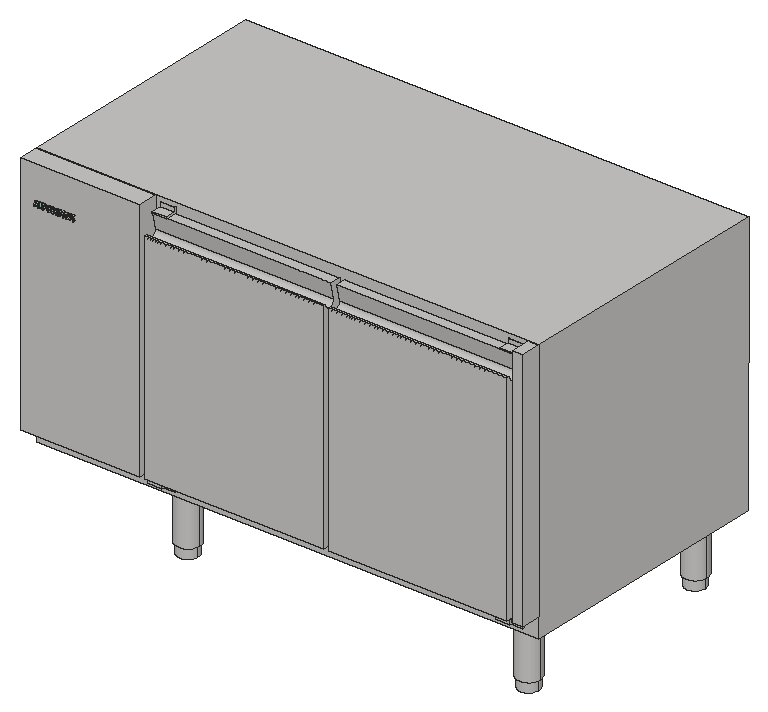
Revit family "QF_ALPENINOX_721094_AA2R7AA", category Attrezzature speciali, Revit 2018 (continued)
Definition of nested family "HP_APX_BI_TN_L"
  Lines and regions (mm)
    Split face 120
      outline origin (330, -951.3, 50) x (1, 0, 0) y (0, 1, 0)
        loop
          arc (-286.464, 649.474) -> (-282.464, 653.474) -> (-286.464, 657.474) r 4
          line (-286.464, 657.474) -> (-328.464, 657.474)
    Split face 121
      outline origin (110, -951.3, 50) x (1, 0, 0) y (0, 1, 0)
        loop
          arc (-218.464, 657.474) -> (-222.464, 653.474) -> (-218.464, 649.474) r 4
          line (-218.464, 649.474) -> (-176.464, 649.474)
          arc (-176.464, 649.474) -> (-172.464, 653.474) -> (-176.464, 657.474) r 4
          line (-176.464, 657.474) -> (-218.464, 657.474)
    Split face 122
      outline origin (220, -951.3, 50) x (1, 0, 0) y (0, 1, 0)
        loop
          arc (-273.464, 657.474) -> (-277.464, 653.474) -> (-273.464, 649.474) r 4
          line (-273.464, 649.474) -> (-231.464, 649.474)
          arc (-231.464, 649.474) -> (-227.464, 653.474) -> (-231.464, 657.474) r 4
          line (-231.464, 657.474) -> (-273.464, 657.474)
    Split face 123
      outline origin (0, -975.3, 50) x (1, 0, 0) y (0, 1, 0)
        loop
          arc (-163.464, 669.474) -> (-167.464, 665.474) -> (-163.464, 661.474) r 4
          line (-163.464, 661.474) -> (-121.464, 661.474)
          arc (-121.464, 661.474) -> (-117.464, 665.474) -> (-121.464, 669.474) r 4
          line (-121.464, 669.474) -> (-163.464, 669.474)
    Split face 124
      outline origin (330, -975.3, 50) x (1, 0, 0) y (0, 1, 0)
        loop
          arc (-328.464, 669.474) -> (-332.464, 665.474) -> (-328.464, 661.474) r 4
          line (-328.464, 661.474) -> (-286.464, 661.474)
          arc (-286.464, 661.474) -> (-282.464, 665.474) -> (-286.464, 669.474) r 4
          line (-286.464, 669.474) -> (-328.464, 669.474)
    Split face 125
      outline origin (110, -975.3, 50) x (1, 0, 0) y (0, 1, 0)
        loop
          arc (-218.464, 669.474) -> (-222.464, 665.474) -> (-218.464, 661.474) r 4
          line (-218.464, 661.474) -> (-176.464, 661.474)
          arc (-176.464, 661.474) -> (-172.464, 665.474) -> (-176.464, 669.474) r 4
          line (-176.464, 669.474) -> (-218.464, 669.474)
    Split face 126
      outline origin (220, -975.3, 50) x (1, 0, 0) y (0, 1, 0)
        loop
          arc (-273.464, 669.474) -> (-277.464, 665.474) -> (-273.464, 661.474) r 4
          line (-273.464, 661.474) -> (-231.464, 661.474)
          arc (-231.464, 661.474) -> (-227.464, 665.474) -> (-231.464, 669.474) r 4
          line (-231.464, 669.474) -> (-273.464, 669.474)
    Split face 127
      outline origin (0, -999.3, 50) x (1, 0, 0) y (0, 1, 0)
        loop
          arc (-163.464, 681.474) -> (-167.464, 677.474) -> (-163.464, 673.474) r 4
          line (-163.464, 673.474) -> (-121.464, 673.474)
          arc (-121.464, 673.474) -> (-117.464, 677.474) -> (-121.464, 681.474) r 4
          line (-121.464, 681.474) -> (-163.464, 681.474)
    Split face 128
      outline origin (330, -999.3, 50) x (1, 0, 0) y (0, 1, 0)
        loop
          arc (-328.464, 681.474) -> (-332.464, 677.474) -> (-328.464, 673.474) r 4
          line (-328.464, 673.474) -> (-286.464, 673.474)
          arc (-286.464, 673.474) -> (-282.464, 677.474) -> (-286.464, 681.474) r 4
          line (-286.464, 681.474) -> (-328.464, 681.474)
    Split face 129
      outline origin (110, -999.3, 50) x (1, 0, 0) y (0, 1, 0)
        loop
          arc (-218.464, 681.474) -> (-222.464, 677.474) -> (-218.464, 673.474) r 4
          line (-218.464, 673.474) -> (-176.464, 673.474)
          arc (-176.464, 673.474) -> (-172.464, 677.474) -> (-176.464, 681.474) r 4
          line (-176.464, 681.474) -> (-218.464, 681.474)
    Split face 130
      outline origin (220, -999.3, 50) x (1, 0, 0) y (0, 1, 0)
        loop
          arc (-273.464, 681.474) -> (-277.464, 677.474) -> (-273.464, 673.474) r 4
          line (-273.464, 673.474) -> (-231.464, 673.474)
          arc (-231.464, 673.474) -> (-227.464, 677.474) -> (-231.464, 681.474) r 4
          line (-231.464, 681.474) -> (-273.464, 681.474)
    Split face 131
      outline origin (0, -1023.3, 50) x (1, 0, 0) y (0, 1, 0)
        loop
          arc (-163.464, 693.474) -> (-167.464, 689.474) -> (-163.464, 685.474) r 4
          line (-163.464, 685.474) -> (-121.464, 685.474)
          arc (-121.464, 685.474) -> (-117.464, 689.474) -> (-121.464, 693.474) r 4
          line (-121.464, 693.474) -> (-163.464, 693.474)
    Split face 132
      outline origin (330, -1023.3, 50) x (1, 0, 0) y (0, 1, 0)
        loop
          arc (-328.464, 693.474) -> (-332.464, 689.474) -> (-328.464, 685.474) r 4
          line (-328.464, 685.474) -> (-286.464, 685.474)
          arc (-286.464, 685.474) -> (-282.464, 689.474) -> (-286.464, 693.474) r 4
          line (-286.464, 693.474) -> (-328.464, 693.474)
    Split face 133
      outline origin (110, -1023.3, 50) x (1, 0, 0) y (0, 1, 0)
        loop
          arc (-218.464, 693.474) -> (-222.464, 689.474) -> (-218.464, 685.474) r 4
          line (-218.464, 685.474) -> (-176.464, 685.474)
          arc (-176.464, 685.474) -> (-172.464, 689.474) -> (-176.464, 693.474) r 4
          line (-176.464, 693.474) -> (-218.464, 693.474)
    Split face 134
      outline origin (220, -1023.3, 50) x (1, 0, 0) y (0, 1, 0)
        loop
          arc (-273.464, 693.474) -> (-277.464, 689.474) -> (-273.464, 685.474) r 4
          line (-273.464, 685.474) -> (-231.464, 685.474)
          arc (-231.464, 685.474) -> (-227.464, 689.474) -> (-231.464, 693.474) r 4
          line (-231.464, 693.474) -> (-273.464, 693.474)
    symbolic lines
      curve 1: line (87.08, -49, 50) -> (87.08, -49, 0)
  Dimensions and locks
    equal spacing: plane 6, plane 1 "Center (Front/Back)", plane 7
    equal spacing: plane 4, plane 3 "Center (Left/Right)", plane 5
    aligned and locked: plane 2 to Extrusion 1
    aligned and locked: level to Extrusion 1
  Automatic sketch dimensions
    Split face 5 sketch curve to Split face 5 sketch curve = 42 mm
    Split face 5 sketch curve to Split face 5 sketch curve = 4 mm
    Split face 6 sketch curve to Split face 6 sketch curve = 42 mm
    Split face 6 sketch curve to Split face 6 sketch curve = 4 mm
    Split face 7 sketch curve to Split face 7 sketch curve = 42 mm
    Split face 7 sketch curve to Split face 7 sketch curve = 4 mm
    Split face 8 sketch curve to Split face 8 sketch curve = 42 mm
    Split face 8 sketch curve to Split face 8 sketch curve = 4 mm
    Split face 9 sketch curve to Split face 9 sketch curve = 42 mm
    Split face 9 sketch curve to Split face 9 sketch curve = 4 mm
    Split face 10 sketch curve to Split face 10 sketch curve = 42 mm
    Split face 10 sketch curve to Split face 10 sketch curve = 4 mm
    Split face 11 sketch curve to Split face 11 sketch curve = 42 mm
    Split face 11 sketch curve to Split face 11 sketch curve = 4 mm
    Split face 12 sketch curve to Split face 12 sketch curve = 42 mm
    Split face 12 sketch curve to Split face 12 sketch curve = 4 mm
    Split face 13 sketch curve to Split face 13 sketch curve = 42 mm
    Split face 13 sketch curve to Split face 13 sketch curve = 4 mm
    Split face 14 sketch curve to Split face 14 sketch curve = 42 mm
    Split face 14 sketch curve to Split face 14 sketch curve = 4 mm
    Split face 15 sketch curve to Split face 15 sketch curve = 42 mm
    Split face 15 sketch curve to Split face 15 sketch curve = 4 mm
    Split face 16 sketch curve to Split face 16 sketch curve = 42 mm
    Split face 16 sketch curve to Split face 16 sketch curve = 4 mm
    Split face 17 sketch curve to Split face 17 sketch curve = 42 mm
    Split face 17 sketch curve to Split face 17 sketch curve = 4 mm
    Split face 18 sketch curve to Split face 18 sketch curve = 42 mm
    Split face 18 sketch curve to Split face 18 sketch curve = 4 mm
    Split face 19 sketch curve to Split face 19 sketch curve = 42 mm
    Split face 19 sketch curve to Split face 19 sketch curve = 4 mm
    Split face 20 sketch curve to Split face 20 sketch curve = 42 mm
    Split face 20 sketch curve to Split face 20 sketch curve = 4 mm
    Split face 21 sketch curve to Split face 21 sketch curve = 42 mm
    Split face 21 sketch curve to Split face 21 sketch curve = 4 mm
    Split face 22 sketch curve to Split face 22 sketch curve = 42 mm
    Split face 22 sketch curve to Split face 22 sketch curve = 4 mm
    Split face 23 sketch curve to Split face 23 sketch curve = 42 mm
    Split face 23 sketch curve to Split face 23 sketch curve = 4 mm
    Split face 24 sketch curve to Split face 24 sketch curve = 42 mm
    Split face 24 sketch curve to Split face 24 sketch curve = 4 mm
    Split face 25 sketch curve to Split face 25 sketch curve = 42 mm
    Split face 25 sketch curve to Split face 25 sketch curve = 4 mm
    Split face 26 sketch curve to Split face 26 sketch curve = 42 mm
    Split face 26 sketch curve to Split face 26 sketch curve = 4 mm
    Split face 27 sketch curve to Split face 27 sketch curve = 42 mm
    Split face 27 sketch curve to Split face 27 sketch curve = 4 mm
    Split face 28 sketch curve to Split face 28 sketch curve = 42 mm
    Split face 28 sketch curve to Split face 28 sketch curve = 4 mm
    Split face 29 sketch curve to Split face 29 sketch curve = 42 mm
    Split face 29 sketch curve to Split face 29 sketch curve = 4 mm
    Split face 30 sketch curve to Split face 30 sketch curve = 42 mm
    Split face 30 sketch curve to Split face 30 sketch curve = 4 mm
    Split face 31 sketch curve to Split face 31 sketch curve = 42 mm
    Split face 31 sketch curve to Split face 31 sketch curve = 4 mm
    Split face 32 sketch curve to Split face 32 sketch curve = 42 mm
    Split face 32 sketch curve to Split face 32 sketch curve = 4 mm
    Split face 33 sketch curve to Split face 33 sketch curve = 42 mm
    Split face 33 sketch curve to Split face 33 sketch curve = 4 mm
    Split face 34 sketch curve to Split face 34 sketch curve = 42 mm
    Split face 34 sketch curve to Split face 34 sketch curve = 4 mm
    Split face 35 sketch curve to Split face 35 sketch curve = 42 mm
    Split face 35 sketch curve to Split face 35 sketch curve = 4 mm
    Split face 36 sketch curve to Split face 36 sketch curve = 42 mm
    Split face 36 sketch curve to Split face 36 sketch curve = 4 mm
    Split face 37 sketch curve to Split face 37 sketch curve = 42 mm
    Split face 37 sketch curve to Split face 37 sketch curve = 4 mm
    Split face 38 sketch curve to Split face 38 sketch curve = 42 mm
    Split face 38 sketch curve to Split face 38 sketch curve = 4 mm
    Split face 39 sketch curve to Split face 39 sketch curve = 42 mm
    Split face 39 sketch curve to Split face 39 sketch curve = 4 mm
    Split face 40 sketch curve to Split face 40 sketch curve = 42 mm
    Split face 40 sketch curve to Split face 40 sketch curve = 4 mm
    Split face 41 sketch curve to Split face 41 sketch curve = 42 mm
    Split face 41 sketch curve to Split face 41 sketch curve = 4 mm
    Split face 42 sketch curve to Split face 42 sketch curve = 42 mm
    Split face 42 sketch curve to Split face 42 sketch curve = 4 mm
    Split face 43 sketch curve to Split face 43 sketch curve = 42 mm
    Split face 43 sketch curve to Split face 43 sketch curve = 4 mm
    Split face 44 sketch curve to Split face 44 sketch curve = 42 mm
    Split face 44 sketch curve to Split face 44 sketch curve = 4 mm
    Split face 45 sketch curve to Split face 45 sketch curve = 42 mm
    Split face 45 sketch curve to Split face 45 sketch curve = 4 mm
    Split face 46 sketch curve to Split face 46 sketch curve = 42 mm
    Split face 46 sketch curve to Split face 46 sketch curve = 4 mm
    Split face 47 sketch curve to Split face 47 sketch curve = 42 mm
    Split face 47 sketch curve to Split face 47 sketch curve = 4 mm
    Split face 48 sketch curve to Split face 48 sketch curve = 42 mm
    Split face 48 sketch curve to Split face 48 sketch curve = 4 mm
    Split face 49 sketch curve to Split face 49 sketch curve = 42 mm
    Split face 49 sketch curve to Split face 49 sketch curve = 4 mm
    Split face 50 sketch curve to Split face 50 sketch curve = 42 mm
    Split face 50 sketch curve to Split face 50 sketch curve = 4 mm
    Split face 51 sketch curve to Split face 51 sketch curve = 42 mm
    Split face 51 sketch curve to Split face 51 sketch curve = 4 mm
    Split face 52 sketch curve to Split face 52 sketch curve = 42 mm
    Split face 52 sketch curve to Split face 52 sketch curve = 4 mm
    Split face 53 sketch curve to Split face 53 sketch curve = 42 mm
    Split face 53 sketch curve to Split face 53 sketch curve = 4 mm
    Split face 54 sketch curve to Split face 54 sketch curve = 42 mm
    Split face 54 sketch curve to Split face 54 sketch curve = 4 mm
    Split face 55 sketch curve to Split face 55 sketch curve = 42 mm
    Split face 55 sketch curve to Split face 55 sketch curve = 4 mm
    Split face 56 sketch curve to Split face 56 sketch curve = 42 mm
    Split face 56 sketch curve to Split face 56 sketch curve = 4 mm
    Split face 57 sketch curve to Split face 57 sketch curve = 42 mm
    Split face 57 sketch curve to Split face 57 sketch curve = 4 mm
    Split face 58 sketch curve to Split face 58 sketch curve = 42 mm
    Split face 58 sketch curve to Split face 58 sketch curve = 4 mm
    Split face 59 sketch curve to Split face 59 sketch curve = 42 mm
    Split face 59 sketch curve to Split face 59 sketch curve = 4 mm
    Split face 60 sketch curve to Split face 60 sketch curve = 42 mm
    Split face 60 sketch curve to Split face 60 sketch curve = 4 mm
    Split face 61 sketch curve to Split face 61 sketch curve = 42 mm
    Split face 61 sketch curve to Split face 61 sketch curve = 4 mm
    Split face 62 sketch curve to Split face 62 sketch curve = 42 mm
    Split face 62 sketch curve to Split face 62 sketch curve = 4 mm
    Split face 63 sketch curve to Split face 63 sketch curve = 42 mm
    Split face 63 sketch curve to Split face 63 sketch curve = 4 mm
    Split face 64 sketch curve to Split face 64 sketch curve = 42 mm
    Split face 64 sketch curve to Split face 64 sketch curve = 4 mm
    Split face 65 sketch curve to Split face 65 sketch curve = 42 mm
    Split face 65 sketch curve to Split face 65 sketch curve = 4 mm
    Split face 66 sketch curve to Split face 66 sketch curve = 42 mm
    Split face 66 sketch curve to Split face 66 sketch curve = 4 mm
    Split face 67 sketch curve to Split face 67 sketch curve = 42 mm
    Split face 67 sketch curve to Split face 67 sketch curve = 4 mm
    Split face 68 sketch curve to Split face 68 sketch curve = 42 mm
    Split face 68 sketch curve to Split face 68 sketch curve = 4 mm
    Split face 69 sketch curve to Split face 69 sketch curve = 42 mm
    Split face 69 sketch curve to Split face 69 sketch curve = 4 mm
    Split face 71 sketch curve to Split face 71 sketch curve = 42 mm
    Split face 71 sketch curve to Split face 71 sketch curve = 4 mm
    Split face 72 sketch curve to Split face 72 sketch curve = 42 mm
    Split face 72 sketch curve to Split face 72 sketch curve = 4 mm
    Split face 73 sketch curve to Split face 73 sketch curve = 42 mm
    Split face 73 sketch curve to Split face 73 sketch curve = 4 mm
    Split face 74 sketch curve to Split face 74 sketch curve = 42 mm
    Split face 74 sketch curve to Split face 74 sketch curve = 4 mm
    Split face 75 sketch curve to Split face 75 sketch curve = 42 mm
    Split face 75 sketch curve to Split face 75 sketch curve = 4 mm
    Split face 76 sketch curve to Split face 76 sketch curve = 42 mm
    Split face 76 sketch curve to Split face 76 sketch curve = 4 mm
    Split face 77 sketch curve to Split face 77 sketch curve = 42 mm
    Split face 77 sketch curve to Split face 77 sketch curve = 4 mm
    Split face 78 sketch curve to Split face 78 sketch curve = 42 mm
    Split face 78 sketch curve to Split face 78 sketch curve = 4 mm
    Split face 79 sketch curve to Split face 79 sketch curve = 42 mm
    Split face 79 sketch curve to Split face 79 sketch curve = 4 mm
    Split face 80 sketch curve to Split face 80 sketch curve = 42 mm
    Split face 80 sketch curve to Split face 80 sketch curve = 4 mm
    Split face 81 sketch curve to Split face 81 sketch curve = 42 mm
    Split face 81 sketch curve to Split face 81 sketch curve = 4 mm
    Split face 82 sketch curve to Split face 82 sketch curve = 42 mm
    Split face 82 sketch curve to Split face 82 sketch curve = 4 mm
    Split face 83 sketch curve to Split face 83 sketch curve = 42 mm
    Split face 83 sketch curve to Split face 83 sketch curve = 4 mm
    Split face 84 sketch curve to Split face 84 sketch curve = 42 mm
    Split face 84 sketch curve to Split face 84 sketch curve = 4 mm
    Split face 85 sketch curve to Split face 85 sketch curve = 42 mm
    Split face 85 sketch curve to Split face 85 sketch curve = 4 mm
    Split face 86 sketch curve to Split face 86 sketch curve = 42 mm
    Split face 86 sketch curve to Split face 86 sketch curve = 4 mm
    Split face 87 sketch curve to Split face 87 sketch curve = 42 mm
    Split face 87 sketch curve to Split face 87 sketch curve = 4 mm
    Split face 88 sketch curve to Split face 88 sketch curve = 42 mm
    Split face 88 sketch curve to Split face 88 sketch curve = 4 mm
    Split face 89 sketch curve to Split face 89 sketch curve = 42 mm
    Split face 89 sketch curve to Split face 89 sketch curve = 4 mm
    Split face 90 sketch curve to Split face 90 sketch curve = 42 mm
    Split face 90 sketch curve to Split face 90 sketch curve = 4 mm
    Split face 91 sketch curve to Split face 91 sketch curve = 42 mm
    Split face 91 sketch curve to Split face 91 sketch curve = 4 mm
    Split face 92 sketch curve to Split face 92 sketch curve = 42 mm
    Split face 92 sketch curve to Split face 92 sketch curve = 4 mm
    Split face 93 sketch curve to Split face 93 sketch curve = 42 mm
    Split face 93 sketch curve to Split face 93 sketch curve = 4 mm
    Split face 94 sketch curve to Split face 94 sketch curve = 42 mm
    Split face 94 sketch curve to Split face 94 sketch curve = 4 mm
    Split face 95 sketch curve to Split face 95 sketch curve = 42 mm
    Split face 95 sketch curve to Split face 95 sketch curve = 4 mm
    Split face 96 sketch curve to Split face 96 sketch curve = 42 mm
    Split face 96 sketch curve to Split face 96 sketch curve = 4 mm
    Split face 97 sketch curve to Split face 97 sketch curve = 42 mm
    Split face 97 sketch curve to Split face 97 sketch curve = 4 mm
    Split face 98 sketch curve to Split face 98 sketch curve = 42 mm
    Split face 98 sketch curve to Split face 98 sketch curve = 4 mm
    Split face 99 sketch curve to Split face 99 sketch curve = 42 mm
    Split face 99 sketch curve to Split face 99 sketch curve = 4 mm
    Split face 100 sketch curve to Split face 100 sketch curve = 42 mm
    Split face 100 sketch curve to Split face 100 sketch curve = 4 mm
    Split face 101 sketch curve to Split face 101 sketch curve = 42 mm
    Split face 101 sketch curve to Split face 101 sketch curve = 4 mm
    Split face 102 sketch curve to Split face 102 sketch curve = 42 mm
    Split face 102 sketch curve to Split face 102 sketch curve = 4 mm
    Split face 103 sketch curve to Split face 103 sketch curve = 42 mm
    Split face 103 sketch curve to Split face 103 sketch curve = 4 mm
    Split face 104 sketch curve to Split face 104 sketch curve = 42 mm
    Split face 104 sketch curve to Split face 104 sketch curve = 4 mm
    Split face 105 sketch curve to Split face 105 sketch curve = 42 mm
    Split face 105 sketch curve to Split face 105 sketch curve = 4 mm
    Split face 106 sketch curve to Split face 106 sketch curve = 42 mm
    Split face 106 sketch curve to Split face 106 sketch curve = 4 mm
    Split face 107 sketch curve to Split face 107 sketch curve = 42 mm
    Split face 107 sketch curve to Split face 107 sketch curve = 4 mm
    Split face 108 sketch curve to Split face 108 sketch curve = 42 mm
    Split face 108 sketch curve to Split face 108 sketch curve = 4 mm
    Split face 109 sketch curve to Split face 109 sketch curve = 42 mm
    Split face 109 sketch curve to Split face 109 sketch curve = 4 mm
    Split face 110 sketch curve to Split face 110 sketch curve = 42 mm
    Split face 110 sketch curve to Split face 110 sketch curve = 4 mm
    Split face 111 sketch curve to Split face 111 sketch curve = 42 mm
    Split face 111 sketch curve to Split face 111 sketch curve = 4 mm
    Split face 112 sketch curve to Split face 112 sketch curve = 42 mm
    Split face 112 sketch curve to Split face 112 sketch curve = 4 mm
    Split face 113 sketch curve to Split face 113 sketch curve = 42 mm
    Split face 113 sketch curve to Split face 113 sketch curve = 4 mm
    Split face 114 sketch curve to Split face 114 sketch curve = 42 mm
    Split face 114 sketch curve to Split face 114 sketch curve = 4 mm
    Split face 115 sketch curve to Split face 115 sketch curve = 42 mm
    Split face 115 sketch curve to Split face 115 sketch curve = 4 mm
    Split face 116 sketch curve to Split face 116 sketch curve = 42 mm
    Split face 116 sketch curve to Split face 116 sketch curve = 4 mm
    Split face 117 sketch curve to Split face 117 sketch curve = 42 mm
    Split face 117 sketch curve to Split face 117 sketch curve = 4 mm
    Split face 118 sketch curve to Split face 118 sketch curve = 42 mm
    Split face 118 sketch curve to Split face 118 sketch curve = 4 mm
    Split face 119 sketch curve to Split face 119 sketch curve = 42 mm
    Split face 119 sketch curve to Split face 119 sketch curve = 4 mm
    Split face 120 sketch curve to Split face 120 sketch curve = 42 mm
    Split face 120 sketch curve to Split face 120 sketch curve = 4 mm
    Split face 121 sketch curve to Split face 121 sketch curve = 42 mm
    Split face 121 sketch curve to Split face 121 sketch curve = 4 mm
    Split face 122 sketch curve to Split face 122 sketch curve = 42 mm
    Split face 122 sketch curve to Split face 122 sketch curve = 4 mm
    Split face 123 sketch curve to Split face 123 sketch curve = 42 mm
    Split face 123 sketch curve to Split face 123 sketch curve = 4 mm
    Split face 124 sketch curve to Split face 124 sketch curve = 42 mm
    Split face 124 sketch curve to Split face 124 sketch curve = 4 mm
    Split face 125 sketch curve to Split face 125 sketch curve = 42 mm
    Split face 125 sketch curve to Split face 125 sketch curve = 4 mm
    Split face 126 sketch curve to Split face 126 sketch curve = 42 mm
    Split face 126 sketch curve to Split face 126 sketch curve = 4 mm
    Split face 127 sketch curve to Split face 127 sketch curve = 42 mm
    Split face 127 sketch curve to Split face 127 sketch curve = 4 mm
    Split face 128 sketch curve to Split face 128 sketch curve = 42 mm
    Split face 128 sketch curve to Split face 128 sketch curve = 4 mm
    Split face 129 sketch curve to Split face 129 sketch curve = 42 mm
    Split face 129 sketch curve to Split face 129 sketch curve = 4 mm
    Split face 130 sketch curve to Split face 130 sketch curve = 42 mm
    Split face 130 sketch curve to Split face 130 sketch curve = 4 mm
    Split face 131 sketch curve to Split face 131 sketch curve = 42 mm
    Split face 131 sketch curve to Split face 131 sketch curve = 4 mm
    Split face 132 sketch curve to Split face 132 sketch curve = 42 mm
    Split face 132 sketch curve to Split face 132 sketch curve = 4 mm
    Split face 133 sketch curve to Split face 133 sketch curve = 42 mm
    Split face 133 sketch curve to Split face 133 sketch curve = 4 mm
    Split face 134 sketch curve to Split face 134 sketch curve = 42 mm
    Split face 134 sketch curve to Split face 134 sketch curve = 4 mm
    Extrusion 1 sketch curve to Extrusion 1 sketch curve = 2438.4 mm  (x2)
    Extrusion 2 sketch curve to plane 4 = 0 mm
    Extrusion 2 sketch curve to plane 5 = 0 mm
    Extrusion 2 sketch curve to plane 7 = 0 mm
    Extrusion 2 sketch curve to plane 6 = 0 mm
    Split face 1 sketch curve to Extrusion 2 = 0 mm  (x2)
    Split face 1 sketch curve to Extrusion 2 = 34 mm
    Split face 1 sketch curve to Extrusion 2 = 104 mm
    Split face 1 sketch curve to Split face 1 sketch curve = 17.5 mm
    Split face 2 sketch curve to Extrusion 2 = 130.5 mm
    Split face 2 sketch curve to Extrusion 2 = 60.5 mm
    Split face 2 sketch curve to Extrusion 2 = 98 mm
    Split face 2 sketch curve to Split face 2 sketch curve = 23 mm
    Split face 3 sketch curve to Extrusion 2 = 80.5 mm
    Split face 3 sketch curve to Split face 3 sketch curve = 17 mm  (x2)
    Split face 3 sketch curve to Extrusion 2 = 95 mm
    plane 4 to Extrusion 3 sketch curve = 34.51 mm
    Extrusion 3 sketch curve to Extrusion 3 sketch curve = 1.266 mm
    Extrusion 3 sketch curve to Extrusion 3 sketch curve = 1.307 mm
    Extrusion 3 sketch curve to Extrusion 3 sketch curve = 0.57 mm
    Extrusion 3 sketch curve to Extrusion 3 sketch curve = 0.593 mm
    Extrusion 3 sketch curve to Extrusion 3 sketch curve = 0.799 mm
    Extrusion 3 sketch curve to Extrusion 3 sketch curve = 1.99 mm  (x2)
    Extrusion 3 sketch curve to Extrusion 3 sketch curve = 0.003 mm
    Extrusion 3 sketch curve to Extrusion 3 sketch curve = 3.534 mm
    Extrusion 3 sketch curve to Extrusion 3 sketch curve = 0.835 mm
    Extrusion 3 sketch curve to Extrusion 3 sketch curve = 0.56 mm
    Extrusion 3 sketch curve to Extrusion 3 sketch curve = 1.268 mm
    Extrusion 3 sketch curve to Extrusion 3 sketch curve = 1.223 mm
    Extrusion 3 sketch curve to Extrusion 3 sketch curve = 1.344 mm
    Extrusion 3 sketch curve to Extrusion 3 sketch curve = 1.394 mm  (x2)
    Extrusion 3 sketch curve to Extrusion 3 sketch curve = 1.512 mm
    Extrusion 3 sketch curve to Extrusion 3 sketch curve = 3.309 mm
    Extrusion 3 sketch curve to Extrusion 3 sketch curve = 5.841 mm
    Extrusion 3 sketch curve to Extrusion 3 sketch curve = 1.393 mm
    Extrusion 3 sketch curve to Extrusion 3 sketch curve = 1.439 mm
    Extrusion 3 sketch curve to Extrusion 3 sketch curve = 0 mm  (x19)
    Extrusion 3 sketch curve to Extrusion 3 sketch curve = 1.902 mm
    Extrusion 3 sketch curve to Extrusion 3 sketch curve = 0.052 mm
    Extrusion 3 sketch curve to Extrusion 3 sketch curve = 2.065 mm
    Extrusion 3 sketch curve to Extrusion 3 sketch curve = 0.647 mm
    Extrusion 3 sketch curve to Extrusion 3 sketch curve = 8.079 mm
    Extrusion 3 sketch curve to Extrusion 3 sketch curve = 0.073 mm
    Extrusion 3 sketch curve to Extrusion 3 sketch curve = 2.145 mm
    Extrusion 3 sketch curve to Extrusion 3 sketch curve = 2.931 mm
    Extrusion 3 sketch curve to Extrusion 3 sketch curve = 0.213 mm
    Extrusion 3 sketch curve to Extrusion 3 sketch curve = 0.026 mm
    Extrusion 3 sketch curve to Extrusion 3 sketch curve = 0.263 mm
    Extrusion 3 sketch curve to Extrusion 3 sketch curve = 0.516 mm
    Extrusion 3 sketch curve to Extrusion 3 sketch curve = 0.356 mm
    Extrusion 3 sketch curve to Extrusion 3 sketch curve = 0.387 mm
    Extrusion 3 sketch curve to Extrusion 3 sketch curve = 2.378 mm
    Extrusion 3 sketch curve to Extrusion 3 sketch curve = 2.466 mm
    Extrusion 3 sketch curve to Extrusion 3 sketch curve = 0.602 mm
    Extrusion 3 sketch curve to Extrusion 3 sketch curve = 1.02 mm
    Extrusion 3 sketch curve to Extrusion 3 sketch curve = 0.949 mm
    Extrusion 3 sketch curve to Extrusion 3 sketch curve = 1.728 mm
    Extrusion 3 sketch curve to Extrusion 3 sketch curve = 0.157 mm  (x2)
    Extrusion 3 sketch curve to Extrusion 3 sketch curve = 0.292 mm
    Extrusion 3 sketch curve to Extrusion 3 sketch curve = 3.565 mm
    Extrusion 3 sketch curve to Extrusion 3 sketch curve = 1.396 mm  (x2)
    Extrusion 3 sketch curve to Extrusion 3 sketch curve = 1.418 mm  (x2)
    Extrusion 3 sketch curve to Extrusion 3 sketch curve = 1.151 mm  (x2)
    Extrusion 3 sketch curve to Extrusion 3 sketch curve = 5.709 mm  (x2)
    Extrusion 3 sketch curve to Extrusion 3 sketch curve = 0.224 mm  (x2)
    Extrusion 3 sketch curve to Extrusion 3 sketch curve = 1.149 mm  (x2)
    Extrusion 3 sketch curve to Extrusion 3 sketch curve = 1.395 mm  (x2)
    Extrusion 3 sketch curve to Extrusion 3 sketch curve = 1.744 mm
    Extrusion 3 sketch curve to Extrusion 3 sketch curve = 1.745 mm
    Extrusion 3 sketch curve to Extrusion 3 sketch curve = 6.963 mm
    Extrusion 3 sketch curve to Extrusion 3 sketch curve = 0.493 mm  (x3)
    Extrusion 3 sketch curve to Extrusion 3 sketch curve = 0.273 mm  (x2)
    Extrusion 3 sketch curve to Extrusion 3 sketch curve = 0.021 mm  (x2)
    Extrusion 3 sketch curve to Extrusion 3 sketch curve = 0.226 mm  (x2)
    Extrusion 3 sketch curve to Extrusion 3 sketch curve = 0.268 mm  (x2)
    Extrusion 3 sketch curve to Extrusion 3 sketch curve = 0.294 mm
    Extrusion 3 sketch curve to Extrusion 3 sketch curve = 5.238 mm
    Extrusion 3 sketch curve to Extrusion 3 sketch curve = 5.908 mm
    Extrusion 3 sketch curve to Extrusion 3 sketch curve = 1.109 mm  (x2)
    Extrusion 3 sketch curve to Extrusion 3 sketch curve = 1.108 mm  (x2)
    Extrusion 3 sketch curve to Extrusion 3 sketch curve = 1.142 mm  (x2)
    Extrusion 3 sketch curve to Extrusion 3 sketch curve = 1.216 mm  (x2)
    Extrusion 3 sketch curve to Extrusion 3 sketch curve = 3.013 mm
    Extrusion 3 sketch curve to Extrusion 3 sketch curve = 1.616 mm  (x3)
    Extrusion 3 sketch curve to Extrusion 3 sketch curve = 2.305 mm
    Extrusion 3 sketch curve to Extrusion 3 sketch curve = 3.049 mm
    Extrusion 3 sketch curve to plane 6 = 93.469 mm
    Extrusion 3 sketch curve to Extrusion 3 sketch curve = 0.498 mm
    Extrusion 3 sketch curve to Extrusion 3 sketch curve = 0.682 mm
    Extrusion 3 sketch curve to Extrusion 3 sketch curve = 0.664 mm
    Extrusion 3 sketch curve to Extrusion 3 sketch curve = 0.425 mm
    Extrusion 3 sketch curve to Extrusion 3 sketch curve = 0.41 mm
    Extrusion 3 sketch curve to Extrusion 3 sketch curve = 1.272 mm
    Extrusion 3 sketch curve to Extrusion 3 sketch curve = 0.789 mm  (x2)
    Extrusion 3 sketch curve to Extrusion 3 sketch curve = 0.056 mm
    Extrusion 3 sketch curve to Extrusion 3 sketch curve = 0.83 mm
    Extrusion 3 sketch curve to Extrusion 3 sketch curve = 1.238 mm
    Extrusion 3 sketch curve to Extrusion 3 sketch curve = 1.732 mm
    Extrusion 3 sketch curve to Extrusion 3 sketch curve = 0.346 mm
    Extrusion 3 sketch curve to Extrusion 3 sketch curve = 1.123 mm
    Extrusion 3 sketch curve to Extrusion 3 sketch curve = 3.023 mm
    Extrusion 3 sketch curve to Extrusion 3 sketch curve = 4.203 mm
    Extrusion 3 sketch curve to Extrusion 3 sketch curve = 3.452 mm  (x2)
    Extrusion 3 sketch curve to Extrusion 3 sketch curve = 2.544 mm
    Extrusion 3 sketch curve to Extrusion 3 sketch curve = 1.177 mm
    Extrusion 3 sketch curve to Extrusion 3 sketch curve = 3.261 mm
    Extrusion 3 sketch curve to Extrusion 3 sketch curve = 0.352 mm  (x2)
    Extrusion 3 sketch curve to Extrusion 3 sketch curve = 1.987 mm
    Extrusion 3 sketch curve to Extrusion 3 sketch curve = 0.171 mm
    Extrusion 3 sketch curve to Extrusion 3 sketch curve = 0.533 mm  (x3)
    Extrusion 3 sketch curve to Extrusion 3 sketch curve = 0.14 mm  (x4)
    Extrusion 3 sketch curve to Extrusion 3 sketch curve = 0.473 mm
    Extrusion 3 sketch curve to Extrusion 3 sketch curve = 0.31 mm  (x2)
    Extrusion 3 sketch curve to Extrusion 3 sketch curve = 0.075 mm
    Extrusion 3 sketch curve to Extrusion 3 sketch curve = 2.431 mm
    Extrusion 3 sketch curve to Extrusion 3 sketch curve = 2.32 mm  (x2)
    Extrusion 3 sketch curve to Extrusion 3 sketch curve = 1.992 mm
    Extrusion 3 sketch curve to Extrusion 3 sketch curve = 0.674 mm
    Extrusion 3 sketch curve to Extrusion 3 sketch curve = 0.732 mm
    Extrusion 3 sketch curve to Extrusion 3 sketch curve = 0.388 mm
    Extrusion 3 sketch curve to Extrusion 3 sketch curve = 0.121 mm
    Extrusion 3 sketch curve to Extrusion 3 sketch curve = 2.589 mm
    Extrusion 3 sketch curve to Extrusion 3 sketch curve = 0.662 mm
    Extrusion 3 sketch curve to Extrusion 3 sketch curve = 3.473 mm
    Extrusion 3 sketch curve to Extrusion 3 sketch curve = 0.681 mm
    Extrusion 3 sketch curve to Extrusion 3 sketch curve = 1.615 mm
    Extrusion 3 sketch curve to Extrusion 3 sketch curve = 0.34 mm
    Extrusion 3 sketch curve to Extrusion 3 sketch curve = 2.288 mm
    Extrusion 3 sketch curve to Extrusion 3 sketch curve = 0.942 mm
    Extrusion 3 sketch curve to Extrusion 3 sketch curve = 5.4 mm
    Extrusion 3 sketch curve to Extrusion 3 sketch curve = 1.768 mm  (x2)
    Extrusion 3 sketch curve to Extrusion 3 sketch curve = 0.761 mm
    Extrusion 3 sketch curve to Extrusion 3 sketch curve = 0.996 mm
    Extrusion 3 sketch curve to Extrusion 3 sketch curve = 3.543 mm  (x2)
    Extrusion 3 sketch curve to Extrusion 3 sketch curve = 7.017 mm
    Extrusion 3 sketch curve to Extrusion 3 sketch curve = 0.11 mm
    Extrusion 3 sketch curve to Extrusion 3 sketch curve = 0.823 mm  (x2)
    Extrusion 3 sketch curve to Extrusion 3 sketch curve = 0.947 mm
    Extrusion 3 sketch curve to Extrusion 3 sketch curve = 3.837 mm
    Extrusion 3 sketch curve to Extrusion 3 sketch curve = 0.623 mm
    Extrusion 3 sketch curve to Extrusion 3 sketch curve = 1.082 mm
    Extrusion 3 sketch curve to Extrusion 3 sketch curve = 0.801 mm
    Extrusion 3 sketch curve to Extrusion 3 sketch curve = 1 mm
    Extrusion 3 sketch curve to Extrusion 3 sketch curve = 0.089 mm
    Extrusion 3 sketch curve to Extrusion 3 sketch curve = 4.257 mm
    Extrusion 3 sketch curve to Extrusion 3 sketch curve = 4.345 mm  (x2)
    Extrusion 3 sketch curve to Extrusion 3 sketch curve = 2.576 mm
    Extrusion 3 sketch curve to Extrusion 3 sketch curve = 1.385 mm  (x4)
    Extrusion 3 sketch curve to Extrusion 3 sketch curve = 2.133 mm  (x4)
    Extrusion 3 sketch curve to Extrusion 3 sketch curve = 3.518 mm
    Extrusion 3 sketch curve to Extrusion 3 sketch curve = 5.603 mm
    Extrusion 3 sketch curve to Extrusion 3 sketch curve = 2.571 mm
    Split face 4 sketch curve to Extrusion 2 = 0 mm  (x2)
    Split face 4 sketch curve to Extrusion 2 = 64 mm
    Extrusion 4 sketch curve to Extrusion 4 sketch curve = 294 mm
    Extrusion 4 sketch curve to Extrusion 4 sketch curve = 652 mm
    Split face 70 sketch curve to Extrusion 2 = 0 mm  (x2)
    Split face 70 sketch curve to Extrusion 2 = 109 mm
    Split face 5 sketch curve to Extrusion 2 = 43.456 mm
    Split face 5 sketch curve to Extrusion 2 = 128.176 mm
    Split face 6 sketch curve to Extrusion 2 = 85.544 mm
    Split face 6 sketch curve to Extrusion 2 = 128.176 mm
    Split face 7 sketch curve to Extrusion 2 = 98.456 mm
    Split face 7 sketch curve to Extrusion 2 = 128.176 mm
    Split face 8 sketch curve to Extrusion 2 = 140.544 mm
    Split face 8 sketch curve to Extrusion 2 = 128.176 mm
    Split face 10 sketch curve to Extrusion 2 = 43.456 mm
    Split face 10 sketch curve to Extrusion 2 = 140.176 mm
    Split face 11 sketch curve to Extrusion 2 = 85.544 mm
    Split face 11 sketch curve to Extrusion 2 = 140.176 mm
    Split face 12 sketch curve to Extrusion 2 = 98.456 mm
    Split face 12 sketch curve to Extrusion 2 = 140.176 mm
    Split face 13 sketch curve to Extrusion 2 = 140.544 mm
    Split face 13 sketch curve to Extrusion 2 = 140.176 mm
    Split face 14 sketch curve to Extrusion 2 = 43.456 mm
    Split face 14 sketch curve to Extrusion 2 = 152.176 mm
    Split face 15 sketch curve to Extrusion 2 = 85.544 mm
    Split face 15 sketch curve to Extrusion 2 = 152.176 mm
    Split face 16 sketch curve to Extrusion 2 = 98.456 mm
    Split face 16 sketch curve to Extrusion 2 = 152.176 mm
    Split face 17 sketch curve to Extrusion 2 = 140.544 mm
    Split face 17 sketch curve to Extrusion 2 = 152.176 mm
    Split face 18 sketch curve to Extrusion 2 = 43.456 mm
    Split face 18 sketch curve to Extrusion 2 = 164.176 mm
    Split face 19 sketch curve to Extrusion 2 = 85.544 mm
    Split face 19 sketch curve to Extrusion 2 = 164.176 mm
    Split face 20 sketch curve to Extrusion 2 = 98.456 mm
    Split face 20 sketch curve to Extrusion 2 = 164.176 mm
    Split face 21 sketch curve to Extrusion 2 = 140.544 mm
    Split face 21 sketch curve to Extrusion 2 = 164.176 mm
    Split face 22 sketch curve to Extrusion 2 = 43.456 mm
    Split face 22 sketch curve to Extrusion 2 = 176.176 mm
    Split face 23 sketch curve to Extrusion 2 = 85.544 mm
    Split face 23 sketch curve to Extrusion 2 = 176.176 mm
    Split face 24 sketch curve to Extrusion 2 = 98.456 mm
    Split face 24 sketch curve to Extrusion 2 = 176.176 mm
    Split face 25 sketch curve to Extrusion 2 = 140.544 mm
    Split face 25 sketch curve to Extrusion 2 = 176.176 mm
    Split face 26 sketch curve to Extrusion 2 = 43.456 mm
    Split face 26 sketch curve to Extrusion 2 = 188.176 mm
    Split face 27 sketch curve to Extrusion 2 = 85.544 mm
    Split face 27 sketch curve to Extrusion 2 = 188.176 mm
    Split face 28 sketch curve to Extrusion 2 = 98.456 mm
    Split face 28 sketch curve to Extrusion 2 = 188.176 mm
    Split face 29 sketch curve to Extrusion 2 = 140.544 mm
    Split face 29 sketch curve to Extrusion 2 = 188.176 mm
    Split face 30 sketch curve to Extrusion 2 = 43.456 mm
    Split face 30 sketch curve to Extrusion 2 = 200.176 mm
    Split face 31 sketch curve to Extrusion 2 = 85.544 mm
    Split face 31 sketch curve to Extrusion 2 = 200.176 mm
    Split face 32 sketch curve to Extrusion 2 = 98.456 mm
    Split face 32 sketch curve to Extrusion 2 = 200.176 mm
    Split face 33 sketch curve to Extrusion 2 = 140.544 mm
    Split face 33 sketch curve to Extrusion 2 = 200.176 mm
    Split face 34 sketch curve to Extrusion 2 = 43.456 mm
    Split face 34 sketch curve to Extrusion 2 = 212.176 mm
    Split face 35 sketch curve to Extrusion 2 = 85.544 mm
    Split face 35 sketch curve to Extrusion 2 = 212.176 mm
    Split face 36 sketch curve to Extrusion 2 = 98.456 mm
    Split face 36 sketch curve to Extrusion 2 = 212.176 mm
    Split face 37 sketch curve to Extrusion 2 = 140.544 mm
    Split face 37 sketch curve to Extrusion 2 = 212.176 mm
    Split face 38 sketch curve to Extrusion 2 = 43.456 mm
    Split face 38 sketch curve to Extrusion 2 = 224.176 mm
    Split face 39 sketch curve to Extrusion 2 = 85.544 mm
    Split face 39 sketch curve to Extrusion 2 = 224.176 mm
    Split face 40 sketch curve to Extrusion 2 = 98.456 mm
    Split face 40 sketch curve to Extrusion 2 = 224.176 mm
    Split face 41 sketch curve to Extrusion 2 = 140.544 mm
    Split face 41 sketch curve to Extrusion 2 = 224.176 mm
    Split face 42 sketch curve to Extrusion 2 = 43.456 mm
    Split face 42 sketch curve to Extrusion 2 = 236.176 mm
    Split face 43 sketch curve to Extrusion 2 = 85.544 mm
    Split face 43 sketch curve to Extrusion 2 = 236.176 mm
    Split face 44 sketch curve to Extrusion 2 = 98.456 mm
    Split face 44 sketch curve to Extrusion 2 = 236.176 mm
    Split face 45 sketch curve to Extrusion 2 = 140.544 mm
    Split face 45 sketch curve to Extrusion 2 = 236.176 mm
    Split face 46 sketch curve to Extrusion 2 = 43.456 mm
    Split face 46 sketch curve to Extrusion 2 = 248.176 mm
    Split face 47 sketch curve to Extrusion 2 = 85.544 mm
    Split face 47 sketch curve to Extrusion 2 = 248.176 mm
    Split face 48 sketch curve to Extrusion 2 = 98.456 mm
    Split face 48 sketch curve to Extrusion 2 = 248.176 mm
    Split face 49 sketch curve to Extrusion 2 = 140.544 mm
    Split face 49 sketch curve to Extrusion 2 = 248.176 mm
    Split face 50 sketch curve to Extrusion 2 = 43.456 mm
    Split face 50 sketch curve to Extrusion 2 = 260.176 mm
    Split face 51 sketch curve to Extrusion 2 = 85.544 mm
    Split face 51 sketch curve to Extrusion 2 = 260.176 mm
    Split face 52 sketch curve to Extrusion 2 = 98.456 mm
    Split face 52 sketch curve to Extrusion 2 = 260.176 mm
    Split face 53 sketch curve to Extrusion 2 = 140.544 mm
    Split face 53 sketch curve to Extrusion 2 = 260.176 mm
    Split face 54 sketch curve to Extrusion 2 = 43.456 mm
    Split face 54 sketch curve to Extrusion 2 = 272.176 mm
    Split face 55 sketch curve to Extrusion 2 = 85.544 mm
    Split face 55 sketch curve to Extrusion 2 = 272.176 mm
    Split face 56 sketch curve to Extrusion 2 = 98.456 mm
    Split face 56 sketch curve to Extrusion 2 = 272.176 mm
    Split face 57 sketch curve to Extrusion 2 = 140.544 mm
    Split face 57 sketch curve to Extrusion 2 = 272.176 mm
    Split face 58 sketch curve to Extrusion 2 = 43.456 mm
    Split face 58 sketch curve to Extrusion 2 = 284.176 mm
    Split face 59 sketch curve to Extrusion 2 = 85.544 mm
    Split face 59 sketch curve to Extrusion 2 = 284.176 mm
    Split face 60 sketch curve to Extrusion 2 = 98.456 mm
    Split face 60 sketch curve to Extrusion 2 = 284.176 mm
    Split face 61 sketch curve to Extrusion 2 = 140.544 mm
    Split face 61 sketch curve to Extrusion 2 = 284.176 mm
    Split face 62 sketch curve to Extrusion 2 = 43.456 mm
    Split face 62 sketch curve to Extrusion 2 = 296.176 mm
    Split face 63 sketch curve to Extrusion 2 = 85.544 mm
    Split face 63 sketch curve to Extrusion 2 = 296.176 mm
    Split face 64 sketch curve to Extrusion 2 = 98.456 mm
    Split face 64 sketch curve to Extrusion 2 = 296.176 mm
    Split face 65 sketch curve to Extrusion 2 = 140.544 mm
    Split face 65 sketch curve to Extrusion 2 = 296.176 mm
    Split face 66 sketch curve to Extrusion 2 = 43.456 mm
    Split face 66 sketch curve to Extrusion 2 = 308.176 mm
    Split face 67 sketch curve to Extrusion 2 = 85.544 mm
    Split face 67 sketch curve to Extrusion 2 = 308.176 mm
    Split face 68 sketch curve to Extrusion 2 = 98.456 mm
    Split face 68 sketch curve to Extrusion 2 = 308.176 mm
    Split face 69 sketch curve to Extrusion 2 = 140.544 mm
    Split face 69 sketch curve to Extrusion 2 = 308.176 mm
    Split face 71 sketch curve to Extrusion 2 = 43.456 mm
    Split face 71 sketch curve to Extrusion 2 = 192.174 mm
    Split face 72 sketch curve to Extrusion 2 = 85.544 mm
    Split face 72 sketch curve to Extrusion 2 = 192.174 mm
    Split face 73 sketch curve to Extrusion 2 = 98.456 mm
    Split face 73 sketch curve to Extrusion 2 = 192.174 mm
    Split face 74 sketch curve to Extrusion 2 = 140.544 mm
    Split face 74 sketch curve to Extrusion 2 = 192.174 mm
    Split face 75 sketch curve to Extrusion 2 = 43.456 mm
    Split face 75 sketch curve to Extrusion 2 = 180.174 mm
    Split face 76 sketch curve to Extrusion 2 = 85.544 mm
    Split face 76 sketch curve to Extrusion 2 = 180.174 mm
    Split face 77 sketch curve to Extrusion 2 = 98.456 mm
    Split face 77 sketch curve to Extrusion 2 = 180.174 mm
    Split face 78 sketch curve to Extrusion 2 = 140.544 mm
    Split face 78 sketch curve to Extrusion 2 = 180.174 mm
    Split face 79 sketch curve to Extrusion 2 = 43.456 mm
    Split face 79 sketch curve to Extrusion 2 = 168.174 mm
    Split face 80 sketch curve to Extrusion 2 = 85.544 mm
    Split face 80 sketch curve to Extrusion 2 = 168.174 mm
    Split face 81 sketch curve to Extrusion 2 = 98.456 mm
    Split face 81 sketch curve to Extrusion 2 = 168.174 mm
    Split face 82 sketch curve to Extrusion 2 = 140.544 mm
    Split face 82 sketch curve to Extrusion 2 = 168.174 mm
    Split face 83 sketch curve to Extrusion 2 = 43.456 mm
    Split face 83 sketch curve to Extrusion 2 = 156.174 mm
    Split face 84 sketch curve to Extrusion 2 = 85.544 mm
    Split face 84 sketch curve to Extrusion 2 = 156.174 mm
    Split face 85 sketch curve to Extrusion 2 = 98.456 mm
    Split face 85 sketch curve to Extrusion 2 = 156.174 mm
    Split face 86 sketch curve to Extrusion 2 = 140.544 mm
    Split face 86 sketch curve to Extrusion 2 = 156.174 mm
    Split face 87 sketch curve to Extrusion 2 = 43.456 mm
    Split face 87 sketch curve to Extrusion 2 = 144.174 mm
    Split face 88 sketch curve to Extrusion 2 = 85.544 mm
    Split face 88 sketch curve to Extrusion 2 = 144.174 mm
    Split face 89 sketch curve to Extrusion 2 = 98.456 mm
    Split face 89 sketch curve to Extrusion 2 = 144.174 mm
    Split face 90 sketch curve to Extrusion 2 = 140.544 mm
    Split face 90 sketch curve to Extrusion 2 = 144.174 mm
    Split face 91 sketch curve to Extrusion 2 = 43.456 mm
    Split face 91 sketch curve to Extrusion 2 = 132.174 mm
    Split face 92 sketch curve to Extrusion 2 = 85.544 mm
    Split face 92 sketch curve to Extrusion 2 = 132.174 mm
    Split face 93 sketch curve to Extrusion 2 = 98.456 mm
    Split face 93 sketch curve to Extrusion 2 = 132.174 mm
    Split face 94 sketch curve to Extrusion 2 = 140.544 mm
    Split face 94 sketch curve to Extrusion 2 = 132.174 mm
    Split face 95 sketch curve to Extrusion 2 = 43.456 mm
    Split face 95 sketch curve to Extrusion 2 = 120.174 mm
    Split face 96 sketch curve to Extrusion 2 = 85.544 mm
    Split face 96 sketch curve to Extrusion 2 = 120.174 mm
    Split face 97 sketch curve to Extrusion 2 = 98.456 mm
    Split face 97 sketch curve to Extrusion 2 = 120.174 mm
    Split face 98 sketch curve to Extrusion 2 = 140.544 mm
    Split face 98 sketch curve to Extrusion 2 = 120.174 mm
    Split face 99 sketch curve to Extrusion 2 = 43.456 mm
    Split face 99 sketch curve to Extrusion 2 = 108.174 mm
    Split face 100 sketch curve to Extrusion 2 = 85.544 mm
    Split face 100 sketch curve to Extrusion 2 = 108.174 mm
    Split face 101 sketch curve to Extrusion 2 = 98.456 mm
    Split face 101 sketch curve to Extrusion 2 = 108.174 mm
    Split face 102 sketch curve to Extrusion 2 = 140.544 mm
    Split face 102 sketch curve to Extrusion 2 = 108.174 mm
    Split face 103 sketch curve to Extrusion 2 = 43.456 mm
    Split face 103 sketch curve to Extrusion 2 = 96.174 mm
    Split face 104 sketch curve to Extrusion 2 = 85.544 mm
    Split face 104 sketch curve to Extrusion 2 = 96.174 mm
    Split face 105 sketch curve to Extrusion 2 = 98.456 mm
    Split face 105 sketch curve to Extrusion 2 = 96.174 mm
    Split face 106 sketch curve to Extrusion 2 = 140.544 mm
    Split face 106 sketch curve to Extrusion 2 = 96.174 mm
    Split face 107 sketch curve to Extrusion 2 = 43.456 mm
    Split face 107 sketch curve to Extrusion 2 = 84.174 mm
    Split face 108 sketch curve to Extrusion 2 = 85.544 mm
    Split face 108 sketch curve to Extrusion 2 = 84.174 mm
    Split face 109 sketch curve to Extrusion 2 = 98.456 mm
    Split face 109 sketch curve to Extrusion 2 = 84.174 mm
    Split face 110 sketch curve to Extrusion 2 = 140.544 mm
    Split face 110 sketch curve to Extrusion 2 = 84.174 mm
    Split face 111 sketch curve to Extrusion 2 = 43.456 mm
    Split face 111 sketch curve to Extrusion 2 = 72.174 mm
    Split face 112 sketch curve to Extrusion 2 = 85.544 mm
    Split face 112 sketch curve to Extrusion 2 = 72.174 mm
    Split face 113 sketch curve to Extrusion 2 = 98.456 mm
    Split face 113 sketch curve to Extrusion 2 = 72.174 mm
    Split face 114 sketch curve to Extrusion 2 = 140.544 mm
    Split face 114 sketch curve to Extrusion 2 = 72.174 mm
    Split face 115 sketch curve to Extrusion 2 = 43.456 mm
    Split face 115 sketch curve to Extrusion 2 = 60.174 mm
    Split face 116 sketch curve to Extrusion 2 = 85.544 mm
    Split face 116 sketch curve to Extrusion 2 = 60.174 mm
    Split face 117 sketch curve to Extrusion 2 = 98.456 mm
    Split face 117 sketch curve to Extrusion 2 = 60.174 mm
    Split face 118 sketch curve to Extrusion 2 = 68.174 mm
    Split face 118 sketch curve to Extrusion 2 = 140.544 mm
    Split face 119 sketch curve to Extrusion 2 = 43.456 mm
    Split face 119 sketch curve to Extrusion 2 = 48.174 mm
    Split face 120 sketch curve to Extrusion 2 = 85.544 mm
    Split face 120 sketch curve to Extrusion 2 = 48.174 mm
    Split face 121 sketch curve to Extrusion 2 = 98.456 mm
    Split face 121 sketch curve to Extrusion 2 = 48.174 mm
    Split face 122 sketch curve to Extrusion 2 = 56.174 mm
    Split face 122 sketch curve to Extrusion 2 = 140.544 mm
    Split face 123 sketch curve to Extrusion 2 = 43.456 mm
    Split face 123 sketch curve to Extrusion 2 = 36.174 mm
    Split face 124 sketch curve to Extrusion 2 = 85.544 mm
    Split face 124 sketch curve to Extrusion 2 = 36.174 mm
    Split face 125 sketch curve to Extrusion 2 = 44.174 mm
    Split face 125 sketch curve to Extrusion 2 = 98.456 mm
    Split face 126 sketch curve to Extrusion 2 = 44.174 mm
    Split face 126 sketch curve to Extrusion 2 = 140.544 mm
    Split face 127 sketch curve to Extrusion 2 = 43.456 mm
    Split face 127 sketch curve to Extrusion 2 = 24.174 mm
    Split face 128 sketch curve to Extrusion 2 = 32.174 mm
    Split face 128 sketch curve to Extrusion 2 = 85.544 mm
    Split face 129 sketch curve to Extrusion 2 = 32.174 mm
    Split face 129 sketch curve to Extrusion 2 = 98.456 mm
    Split face 130 sketch curve to Extrusion 2 = 32.174 mm
    Split face 130 sketch curve to Extrusion 2 = 140.544 mm
    Split face 131 sketch curve to Extrusion 2 = 20.174 mm
    Split face 131 sketch curve to Extrusion 2 = 43.456 mm
    Split face 132 sketch curve to Extrusion 2 = 20.174 mm
    Split face 132 sketch curve to Extrusion 2 = 85.544 mm
    Split face 133 sketch curve to Extrusion 2 = 20.174 mm
    Split face 133 sketch curve to Extrusion 2 = 98.456 mm
    Split face 134 sketch curve to Extrusion 2 = 20.174 mm
    Split face 134 sketch curve to Extrusion 2 = 140.544 mm
    curve 1 to level = 0 mm
    curve 1 to plane 5 = 0 mm
    curve 1 to curve 1 = 50 mm
Definition of nested family "HP_APX_SD_L"
  Parameters
    Show Clearance [instance] = yes
    Default Elevation = 1219.2 mm
  Reference planes
    plane 1 "Center (Front/Back)": y = 28.12
    plane 2: z = 0
    plane 3 "Center (Left/Right)": x = 0
    plane 4: x = -234
    plane 5: x = 234
  Forms (mm)
    Extrusion 1, solid
      sketch origin (0, 0, 0) x (1, 0, 0) y (0, 1, 0)
        loop
          line (-1219.2, 1219.2) -> (-1219.2, -1219.2) -> (1219.2, -1219.2) -> (1219.2, 1219.2) -> (-1219.2, 1219.2)
      from 0 to -304.8
    Extrusion 2, solid
      sketch origin (0, 53.12, -3) x (0, 1, 0) y (0, 0, 1)
        loop
          line (-314, 53) -> (-314, 3) -> (264, 3) -> (264, 29) -> (224.395, 20)
          arc (224.395, 20) -> (210.396, 33.803) -> (224, 47.994) r 14
          line (224, 47.994) -> (224, 53) -> (-314, 53)
      from -220 to 220
    Extrusion 3, solid
      sketch origin (0, 53.12, 0) x (0, 1, 0) y (0, 0, -1)
        loop
          line (-323.003, -40.312) -> (-323.003, -12.259) -> (-323.003, 0) -> (-351.511, 0) -> (-351.511, -2.5) -> (-325.503, -2.5) -> (-325.503, -42.812) -> (-316.501, -42.812) -> (-316.501, -40.312) -> (-323.003, -40.312)
        loop
          line (-314, -38.311) -> (-314, -11.804) -> (-319.752, -11.804) -> (-319.752, -14.304) -> (-316.501, -14.304) -> (-316.501, -38.311) -> (-314, -38.311)
        loop
          line (265.003, -27.948) -> (267.503, -27.948) -> (267.503, -2.5) -> (277.503, -2.5) -> (277.503, 0) -> (265.003, 0) -> (265.003, -2.948) -> (265.003, -27.948)
      from 185 to 220
    Extrusion 4, solid, visible <- "Show Clearance", detail levels coarse
      sketch origin (0, 28.12, -3) x (-1, 0, 0) y (0, 0, -1)
        loop
          line (220, -53) -> (-220, -53)
          arc (-220, -53) -> (-79.636, -340.04) -> (220, -451) r 430
          line (220, -451) -> (220, -53)
      from -289 to 289
  Lines and regions (mm)
    symbolic lines
      curve 1: arc (219.599, 0, 55) -> (95.934, 0, 321.503) -> (-170, 0, 446.39) r 430
      curve 2: line (-220, 0, 55) -> (-220, 0, 448)
      curve 3: line (-170, 0, 55) -> (-170, 0, 448)
      curve 4: line (-220, 0, 448) -> (-170, 0, 448)
  Dimensions and locks
    plane 4 to plane 3 "Center (Left/Right)" to plane 5 = 234 mm locked, 234 mm locked
    aligned and locked: plane 2 to Extrusion 1
    aligned and locked: level to Extrusion 1
Definition of nested family "HP_APX_SD_R"
  Parameters
    Show Clearance [instance] = yes
    Default Elevation = 1219.2 mm
  Reference planes
    plane 1 "Center (Front/Back)": y = 28.12
    plane 2: z = 0
    plane 3 "Center (Left/Right)": x = 0
    plane 4: x = -234
    plane 5: x = 234
  Forms (mm)
    Extrusion 1, solid
      sketch origin (0, 0, 0) x (1, 0, 0) y (0, 1, 0)
        loop
          line (-1219.2, 1219.2) -> (-1219.2, -1219.2) -> (1219.2, -1219.2) -> (1219.2, 1219.2) -> (-1219.2, 1219.2)
      from 0 to -304.8
    Extrusion 2, solid
      sketch origin (0, 53.12, -3) x (0, 1, 0) y (0, 0, 1)
        loop
          line (-314, 53) -> (-314, 3) -> (264, 3) -> (264, 29) -> (224.395, 20)
          arc (224.395, 20) -> (210.396, 33.803) -> (224, 47.994) r 14
          line (224, 47.994) -> (224, 53) -> (-314, 53)
      from -220 to 220
    Extrusion 3, solid, visible <- "Show Clearance", detail levels coarse
      sketch origin (0, 28.12, -3) x (-1, 0, 0) y (0, 0, -1)
        loop
          line (220, -53) -> (-220, -53) -> (-220, -451)
          arc (-220, -451) -> (79.636, -340.04) -> (220, -53) r 430
      from -289 to 289
    Extrusion 4, solid
      sketch origin (0, 53.12, 0) x (0, 1, 0) y (0, 0, 1)
        loop
          line (-323.003, 40.312) -> (-316.501, 40.312) -> (-316.501, 42.812) -> (-325.503, 42.812) -> (-325.503, 2.5) -> (-351.511, 2.5) -> (-351.511, 0) -> (-323.003, 0) -> (-323.003, 12.259) -> (-323.003, 40.312)
        loop
          line (-314, 38.311) -> (-316.501, 38.311) -> (-316.501, 14.304) -> (-319.752, 14.304) -> (-319.752, 11.804) -> (-314, 11.804) -> (-314, 38.311)
        loop
          line (265.003, 27.948) -> (265.003, 2.948) -> (265.003, 0) -> (277.503, 0) -> (277.503, 2.5) -> (267.503, 2.5) -> (267.503, 27.948) -> (265.003, 27.948)
      from 185 to 220
  Lines and regions (mm)
    symbolic lines
      curve 1: arc (-219.599, 0, 54.79) -> (-95.934, 0, 321.293) -> (170, 0, 446.179) r 430
      curve 2: line (220, 0, 54.79) -> (220, 0, 447.79)
      curve 3: line (170, 0, 54.79) -> (170, 0, 447.79)
      curve 4: line (220, 0, 447.79) -> (170, 0, 447.79)
  Dimensions and locks
    plane 4 to plane 3 "Center (Left/Right)" to plane 5 = 234 mm locked, 234 mm locked
    aligned and locked: plane 2 to Extrusion 1
    aligned and locked: level to Extrusion 1
Definition of nested family "HP_Refrigerator"
  Reference planes
    plane 1 "Center (Front/Back)": y = 0
    plane 2: z = 0
    plane 3 "Center (Left/Right)": x = 0
  Lines and regions (mm)
    detail lines, in view "Ref. Level"
      curve 1: spline (-500, 190, 0) -> (-493.185, 166.706, 0) -> (-473.205, 145, 0) -> (-441.421, 126.36, 0) -> (-400, 112.058, 0) -> (-351.764, 103.067, 0) -> (-300, 100, 0) -> (-248.236, 103.067, 0) -> (-200, 112.058, 0) -> (-158.579, 126.36, 0) -> (-126.795, 145, 0) -> (-106.815, 166.706, 0) -> (-100, 190, 0) -> (-106.815, 213.294, 0) -> (-126.795, 235, 0) -> (-158.579, 253.64, 0) -> (-200, 267.942, 0) -> (-248.236, 276.933, 0) -> (-300, 280, 0) -> (-351.764, 276.933, 0) -> (-400, 267.942, 0) -> (-441.421, 253.64, 0) -> (-473.205, 235, 0) -> (-493.185, 213.294, 0) -> (-500, 190, 0)
      curve 2: line (-300, 130, 0) -> (-300, 250, 0)
      curve 3: line (-351.962, 220, 0) -> (-248.038, 160, 0)
      curve 4: line (-351.962, 160, 0) -> (-248.038, 220, 0)
      curve 5: line (-280.884, 246.873, 0) -> (-300, 225, 0)
      curve 6: line (-300, 225, 0) -> (-319.116, 246.873, 0)
      curve 7: line (-330.311, 207.5, 0) -> (-339.696, 234.992, 0)
      curve 8: line (-358.812, 201.882, 0) -> (-330.311, 207.5, 0)
      curve 9: line (-330.311, 172.5, 0) -> (-358.812, 178.118, 0)
      curve 10: line (-339.696, 145.008, 0) -> (-330.311, 172.5, 0)
      curve 11: line (-300, 155, 0) -> (-319.116, 133.127, 0)
      curve 12: line (-280.884, 133.127, 0) -> (-300, 155, 0)
      curve 13: line (-269.689, 172.5, 0) -> (-260.304, 145.008, 0)
      curve 14: line (-241.188, 178.118, 0) -> (-269.689, 172.5, 0)
      curve 15: line (-269.689, 207.5, 0) -> (-241.188, 201.882, 0)
      curve 16: line (-260.304, 234.992, 0) -> (-269.689, 207.5, 0)
Types (2, lengths in mm): name | URL | Produttore | Phase | Modello | Descrizione
  (no name) | 0 | 0 | 0 | 0 | 0
  Standard | "http://www.alpeninox.com" | "Alpeninox" | 1 | "AA2R7AA" | "2-DOOR REFRIGERATED COUNTER, -2+10°C, FULL AISI 304 (R290), WITHOUT WORK TOP"
